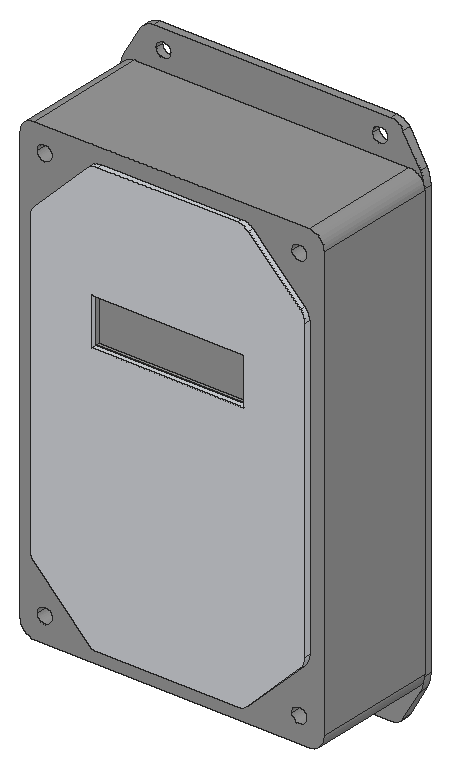
Revit family "Enerflow I", category Mechanical Equipment, Revit 2015
Parameters
  URL = "https://unitedenertech.com/catalog/pdf/O_2%20ENERFLOW%20I.pdf"
  Model = "Enerflow I"
  Manufacturer = "United Enertech Corporation"
  Description = "Differential Pressure and Airflow Signal Processor"
Reference planes (in)
  plane 1 "Center (Front/Back)": y = 0
  plane 2: z = 0
  plane 3 "Center (Left/Right)": x = 0
  plane 4: z = -4.4375
  plane 5: z = 4.4375
  plane 6: x = -2.5
  plane 7: x = 2.5
  plane 8: y = -2.265
  plane 9: y = -1.1325
Forms (in)
  Extrusion 1, solid, material "Plastic, Opaque Black"
    sketch origin (9.20187, 0, -9.7853) x (1, 0, 0) y (0, 0, 1)
      loop
        arc (-11.45187, 13.5978) -> (-11.62865, 13.52458) -> (-11.70187, 13.3478) r 0.25
        line (-11.70187, 13.3478) -> (-11.70187, 6.2228)
        arc (-11.70187, 6.2228) -> (-11.62865, 6.04603) -> (-11.45187, 5.9728) r 0.25
        line (-11.45187, 5.9728) -> (-6.95187, 5.9728)
        arc (-6.95187, 5.9728) -> (-6.7751, 6.04603) -> (-6.70187, 6.2228) r 0.25
        line (-6.70187, 6.2228) -> (-6.70187, 13.3478)
        arc (-6.70187, 13.3478) -> (-6.7751, 13.52458) -> (-6.95187, 13.5978) r 0.25
        line (-6.95187, 13.5978) -> (-11.45187, 13.5978)
    from 0.125 to 2.175
  Extrusion 2, solid
    sketch origin (0, 0, 0) x (1, 0, 0) y (0, 0, 1)
      loop
        arc (-2.25, -2.45895) -> (-2.23097, -2.55462) -> (-2.17678, -2.63572) r 0.25
        line (-2.17678, -2.63572) -> (-1.32322, -3.48928)
        arc (-1.32322, -3.48928) -> (-1.24212, -3.54347) -> (-1.14645, -3.5625) r 0.25
        line (-1.14645, -3.5625) -> (1.14645, -3.5625)
        arc (1.14645, -3.5625) -> (1.24212, -3.54347) -> (1.32322, -3.48928) r 0.25
        line (1.32322, -3.48928) -> (2.17678, -2.63572)
        arc (2.17678, -2.63572) -> (2.23097, -2.55462) -> (2.25, -2.45895) r 0.25
        line (2.25, -2.45895) -> (2.25, 2.45895)
        arc (2.25, 2.45895) -> (2.23097, 2.55462) -> (2.17678, 2.63572) r 0.25
        line (2.17678, 2.63572) -> (1.32322, 3.48928)
        arc (1.32322, 3.48928) -> (1.24212, 3.54347) -> (1.14645, 3.5625) r 0.25
        line (1.14645, 3.5625) -> (-1.14645, 3.5625)
        arc (-1.14645, 3.5625) -> (-1.24212, 3.54347) -> (-1.32322, 3.48928) r 0.25
        line (-1.32322, 3.48928) -> (-2.17678, 2.63572)
        arc (-2.17678, 2.63572) -> (-2.23097, 2.55462) -> (-2.25, 2.45895) r 0.25
        line (-2.25, 2.45895) -> (-2.25, -2.45895)
    from 2.175 to 2.265
  Extrusion 3, void
    sketch origin (0, 0, 0) x (1, 0, 0) y (0, 0, 1)
      loop
        circle (-2.08839, 3.40089) r 0.125
    from 1.925 to 2.265
  Extrusion 4, void
    sketch origin (0, 0, 0) x (-1, 0, 0) y (0, 0, -1)
      loop
        circle (-2.08839, -3.40089) r 0.125
    from 1.925 to 2.265
  Extrusion 5, void
    sketch origin (0, 0, 0) x (1, 0, 0) y (0, 0, 1)
      loop
        circle (-2.08839, -3.40089) r 0.125
    from 1.925 to 2.265
  Extrusion 6, void
    sketch origin (0, 0, 0) x (-1, 0, 0) y (0, 0, -1)
      loop
        circle (-2.08839, 3.40089) r 0.125
    from 1.925 to 2.265
  Extrusion 7, void
    sketch origin (0, 0, 0) x (1, 0, 0) y (0, 0, 1)
      loop
        line (-1.25, 1.64908) -> (-1.25, 0.875) -> (1.25, 0.875) -> (1.25, 1.64908) -> (-1.25, 1.64908)
    from 1.925 to 2.265
  Extrusion 8, solid, material "Acrylic"
    sketch origin (0, 0, 0) x (1, 0, 0) y (0, 0, 1)
      loop
        line (-1.25, 1.64908) -> (-1.25, 0.875) -> (1.25, 0.875) -> (1.25, 1.64908) -> (-1.25, 1.64908)
    from 1.925 to 2.1125
  Extrusion 9, solid, material "Plastic, Opaque Black"
    sketch origin (0, 0, 0) x (1, 0, 0) y (0, 0, 1)
      loop
        arc (-2.5, -3.58498) -> (-2.48296, -3.71439) -> (-2.43301, -3.83498) r 0.5
        line (-2.43301, -3.83498) -> (-2.15116, -4.32317)
        arc (-2.15116, -4.32317) -> (-2.06072, -4.40706) -> (-1.94117, -4.4375) r 0.25
        line (-1.94117, -4.4375) -> (1.94117, -4.4375)
        arc (1.94117, -4.4375) -> (2.06072, -4.40706) -> (2.15116, -4.32317) r 0.25
        line (2.15116, -4.32317) -> (2.43301, -3.83498)
        arc (2.43301, -3.83498) -> (2.48296, -3.71439) -> (2.5, -3.58498) r 0.5
        line (2.5, -3.58498) -> (2.5, 3.58498)
        arc (2.5, 3.58498) -> (2.48296, 3.71439) -> (2.43301, 3.83498) r 0.5
        line (2.43301, 3.83498) -> (2.15116, 4.32317)
        arc (2.15116, 4.32317) -> (2.06072, 4.40706) -> (1.94117, 4.4375) r 0.25
        line (1.94117, 4.4375) -> (-1.94117, 4.4375)
        arc (-1.94117, 4.4375) -> (-2.06072, 4.40706) -> (-2.15116, 4.32317) r 0.25
        line (-2.15116, 4.32317) -> (-2.43301, 3.83498)
        arc (-2.43301, 3.83498) -> (-2.48296, 3.71439) -> (-2.5, 3.58498) r 0.5
        line (-2.5, 3.58498) -> (-2.5, -3.58498)
    from 0 to 0.125
  Extrusion 10, void
    sketch origin (0, 0, 0) x (1, 0, 0) y (0, 0, 1)
      loop
        circle (-1.77971, 4.125) r 0.125
    from 0 to 0.125
  Extrusion 11, void
    sketch origin (0, 0, 0) x (-1, 0, 0) y (0, 0, -1)
      loop
        circle (-1.77971, -4.125) r 0.125
    from 0 to 0.125
  Extrusion 12, void
    sketch origin (0, 0, 0) x (1, 0, 0) y (0, 0, 1)
      loop
        circle (-1.77971, -4.125) r 0.125
    from 0 to 0.125
  Extrusion 13, void
    sketch origin (0, 0, 0) x (-1, 0, 0) y (0, 0, -1)
      loop
        circle (-1.77971, 4.125) r 0.125
    from 0 to 0.125
Cuts and joins
  Extrusion 3, Extrusion 4, Extrusion 5, Extrusion 6, Extrusion 7 cuts Extrusion 1
  Extrusion 7 cuts Extrusion 2
  Extrusion 10, Extrusion 11, Extrusion 12, Extrusion 13 cuts Extrusion 9
Dimensions and locks (in)
  plane 6 to plane 7 = 0' - 5"
  plane 1 "Center (Front/Back)" to plane 8 = 0' - 2.265"
  cut or joined group of Extrusion 1, Extrusion 3, Extrusion 4, Extrusion 5, Extrusion 6, Extrusion 7 to cut or joined group of Extrusion 1, Extrusion 3, Extrusion 4, Extrusion 5, Extrusion 6, Extrusion 7 = 0' - 7 5/8"
  aligned and locked: level to plane 2
